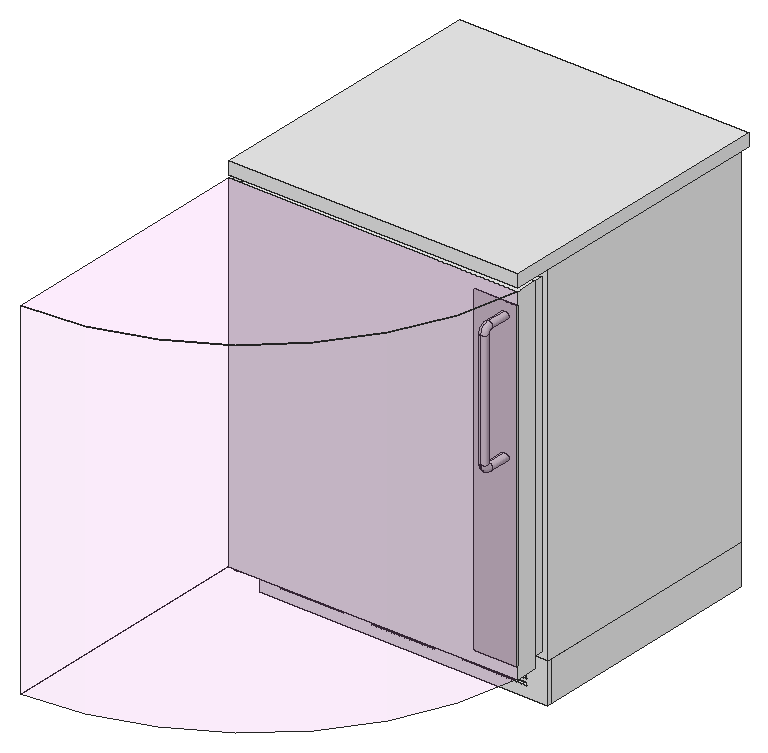
Revit family "QF_Summit_FF6W7BZ_Refrigerator", category Specialty Equipment, Revit 2020
Family settings
  Round Connector Dimension = Use Diameter
  Part Type = Normal
  Work Plane-Based = No
  Always vertical = Yes
  Cut with Voids When Loaded = No
  Shared = No
  Room Calculation Point = No
Parameters
  Weight in Pounds = 100
  Watts = Volts * FL Amps  # 161 W
  Volts = 115 V
  URL Cutsheet = ""
  Specification by User = ""
  Specification by Manufacturer = ""
  Show LHD [instance] = yes
  Right Hinged Door [instance] = not(Show LHD)  # no
  Serial Number = ""
  Seismic Rating = ""
  SMACNA No = ""
  Revision Code = ""
  Refrigerant Volume = 0.00 kip
  Refrigerant Type = "R600a"
  Phase = 1
  Number of Poles = 1
  NAFEM Spec ID Number = ""
  Model = "FF6W7BZ"
  Min Ckt Ampacity = 0 A
  Max Overcurrent Protection = 0 A
  Masterspec = ""
  Manufacturer = "Summit"
  Length = 23 5/8"
  Item Number = ""
  Installed By = ""
  Identify Quantity as Lot = yes
  Height = 33 7/8"
  HP = ""
  Furnished By = ""
  Foodservice Equipment Identifier = yes
  FL Amps = 1.4 A
  Electrical Remarks = ""
  Electric Connection Type = ""
  Elec Conn RI Height = 0"
  Elec Conn Connection Height = 0"
  Description = "Refrigerator"
  Depth = 23 5/8"
  Default Elevation = 0"
  Cycle = 60 Hz
  Conn Plug = ""
  Conn Conduit = yes
  CSI MasterFormat = ""
  BTUH = 0.0 Btu/h
  Apparent Power = if(Phase = 3, Volts * FL Amps * 1.73, Volts * FL Amps)  # 161 VA
Reference planes (in)
  plane 1 "BACK": y = 0
  plane 2: z = 0
  plane 3 "LEFT": x = 0
  plane 4 "RIGHT": x = 23.625
  plane 5 "FRONT": y = -23.625
  plane 6 "TOP": z = 33.875
  plane 7 "Center Y": x = 11.8125
  plane 8 "Center X": y = -11.8125
  plane 9: z = 32.625
  plane 10: y = -26.125
  plane 11: y = -45
  plane 12: y = -0.75
  plane 13: y = -20.5
  plane 14: z = 0.875
  plane 15: z = 4.125
  plane 16: z = 32.875
  plane 17: x = 17.46169
Forms (in)
  Extrusion 1, solid, material "QF_Clearances_Door_Drawer", visible <- "Right Hinged Door"
    sketch origin (-5.77638, -180, 4.125) x (0, -1, 0) y (-1, 0, 0)
      loop
        line (-156.375, -29.40138) -> (-135, -29.40138)
        arc (-135, -29.40138) -> (-141.18654, -13.51658) -> (-156.375, -5.77638) r 23.93828
        line (-156.375, -5.77638) -> (-156.375, -29.40138)
    from 0 to -28.5
  Extrusion 2, solid, material "QF_Metallic_Paint_White_Smooth"
    sketch origin (-4.07558, -180, 1) x (-1, 0, 0) y (0, -1, 0)
      loop
        line (-4.07558, -179.25) -> (-4.07558, -159.5) -> (-27.70058, -159.5) -> (-27.70058, -179.25) -> (-4.07558, -179.25)
    from 3.125 to 31.875
  Extrusion 3, solid, material "QF_Metallic_Paint_White_Smooth"
    sketch origin (-5.77638, -180, 4.25) x (-1, 0, 0) y (0, -1, 0)
      loop
        line (-5.77638, -156.375) -> (-29.40138, -156.375) -> (-29.40138, -158.125) -> (-5.77638, -158.125) -> (-5.77638, -156.375)
    from -0.125 to 28.375
  Extrusion 4, solid, material "QF_Metallic_Paint_White_Smooth"
    sketch origin (23.5, -21.875, 4.25) x (-1, 0, 0) y (0, 0, 1)
      loop
        line (0.375, 0.375) -> (23, 0.375) -> (23, 27.875) -> (0.375, 27.875) -> (0.375, 0.375)
    from 0 to 1.375
  Extrusion 5, solid, material "QF_Metallic_Paint_White_Smooth", visible <- "Right Hinged Door"
    sketch origin (-5.77638, -180, 4.125) x (0, 1, 0) y (1, 0, 0)
      loop
        line (159.5, 29.27619) -> (156.87717, 29.27619)
        arc (156.87717, 29.27619) -> (156.46088, 28.95386) -> (156.66871, 28.47012) r 0.42999
        line (156.66871, 28.47012) -> (159.5, 27.5936) -> (159.5, 29.27619)
    from 0 to 0.125
  Extrusion 6, solid, material "QF_Metallic_Paint_White_Smooth"
    sketch origin (-12.48311, -20.5, 48.75) x (-1, 0, 0) y (0, 0, 1)
      loop
        line (-12.48311, -44.625) -> (-36.10811, -44.625) -> (-36.10811, -47.875) -> (-12.48311, -47.875) -> (-12.48311, -44.625)
      loop
        line (-14.18872, -45.26011) -> (-19.43872, -45.26011) -> (-19.43872, -45.51011) -> (-14.18872, -45.51011) -> (-14.18872, -45.26011)
      loop
        line (-14.18872, -45.76011) -> (-19.43872, -45.76011) -> (-19.43872, -46.01011) -> (-14.18872, -46.01011) -> (-14.18872, -45.76011)
      loop
        line (-14.18872, -46.26011) -> (-19.43872, -46.26011) -> (-19.43872, -46.51011) -> (-14.18872, -46.51011) -> (-14.18872, -46.26011)
      loop
        line (-14.18872, -46.76011) -> (-19.43872, -46.76011) -> (-19.43872, -47.01011) -> (-14.18872, -47.01011) -> (-14.18872, -46.76011)
      loop
        line (-21.67061, -45.26011) -> (-26.92061, -45.26011) -> (-26.92061, -45.51011) -> (-21.67061, -45.51011) -> (-21.67061, -45.26011)
      loop
        line (-21.67061, -45.76011) -> (-26.92061, -45.76011) -> (-26.92061, -46.01011) -> (-21.67061, -46.01011) -> (-21.67061, -45.76011)
      loop
        line (-21.67061, -46.26011) -> (-26.92061, -46.26011) -> (-26.92061, -46.51011) -> (-21.67061, -46.51011) -> (-21.67061, -46.26011)
      loop
        line (-21.67061, -46.76011) -> (-26.92061, -46.76011) -> (-26.92061, -47.01011) -> (-21.67061, -47.01011) -> (-21.67061, -46.76011)
      loop
        line (-34.40249, -45.26011) -> (-34.40249, -45.51011) -> (-29.15249, -45.51011) -> (-29.15249, -45.26011) -> (-34.40249, -45.26011)
      loop
        line (-34.40249, -45.76011) -> (-34.40249, -46.01011) -> (-29.15249, -46.01011) -> (-29.15249, -45.76011) -> (-34.40249, -45.76011)
      loop
        line (-34.40249, -46.26011) -> (-34.40249, -46.51011) -> (-29.15249, -46.51011) -> (-29.15249, -46.26011) -> (-34.40249, -46.26011)
      loop
        line (-34.40249, -46.76011) -> (-34.40249, -47.01011) -> (-29.15249, -47.01011) -> (-29.15249, -46.76011) -> (-34.40249, -46.76011)
    from 0 to 0.25
  Extrusion 7, solid, material "QF_Metallic_Paint_White_Smooth"
    sketch origin (-12.48311, -1, 48.75) x (-1, 0, 0) y (0, 0, 1)
      loop
        line (-12.48311, -44.625) -> (-36.10811, -44.625) -> (-36.10811, -47.875) -> (-12.48311, -47.875) -> (-12.48311, -44.625)
    from -19.25 to 0.25
  Extrusion 8, solid, material "QF_Metallic_Paint_White_Smooth"
    sketch origin (0, 0, 0.75) x (1, 0, 0) y (0, 1, 0)
      loop
        circle (3.1104, -18.5) r 0.5
      loop
        circle (3.1104, -2.75) r 0.5
      loop
        circle (20.5146, -18.5) r 0.5
      loop
        circle (20.5146, -2.75) r 0.5
    from -0.75 to 0.125
  Extrusion 9, solid, material "QF_Metal_Stainless_Polished"
    sketch origin (0, -0.75, 1) x (1, 0, 0) y (0, 0, -1)
      loop
        circle (17.46169, -0.84684) r 0.25
    from 0 to 0.25
  Extrusion 10, solid, material "QF_Metallic_Paint_White_Smooth"
    sketch origin (0, -0.75, 18.5) x (0, -1, 0) y (1, 0, 0)
      loop
        line (-0.75, 1) -> (0, 1) -> (0, 22.625) -> (-0.75, 22.625) -> (-0.75, 1)
    from -13.875 to 14.375
  Sweep 11, solid, material "QF_Metal_Stainless_Polished", visible <- "Right Hinged Door"
    path origin (1, 0, 0.75) x (0, 1, 0) y (0, 0, 1)
      loop
        line (-23.625, 30.125) -> (-25.375, 30.125)
        arc (-25.375, 30.125) -> (-25.90533, 29.90533) -> (-26.125, 29.375) r 0.75
        line (-26.125, 29.375) -> (-26.125, 19.875)
        arc (-26.125, 19.875) -> (-25.90533, 19.34467) -> (-25.375, 19.125) r 0.75
        line (-25.375, 19.125) -> (-23.625, 19.125)
    profile origin (1, -24.5, 30.875) x (0, 0, -1) y (1, 0, 0)
      loop
        circle (0.3, 0) r 0.3
  Extrusion 12, solid, material "QF_Metal_Stainless_Polished", visible <- "Right Hinged Door"
    sketch origin (0, -23.625, 4.25) x (1, 0, 0) y (0, 0, 1)
      loop
        line (0, 0.875) -> (3.375, 0.875)
        arc (3.375, 0.875) -> (3.46339, 0.91161) -> (3.5, 1) r 0.125
        line (3.5, 1) -> (3.5, 27.25)
        arc (3.5, 27.25) -> (3.46339, 27.33839) -> (3.375, 27.375) r 0.125
        line (3.375, 27.375) -> (0, 27.375) -> (0, 0.875)
    from 0 to 0.0625
  Extrusion 13, solid, material "QF_Metallic_Paint_White_Smooth"
    sketch origin (-38.39759, -180, 33.875) x (-1, 0, 0) y (0, -1, 0)
      loop
        line (-38.39759, -180) -> (-38.39759, -156.375) -> (-62.02259, -156.375) -> (-62.02259, -180) -> (-38.39759, -180)
    from 0 to -1
  Extrusion 14, solid, material "QF_Metallic_Paint_White_Smooth", visible <- "Right Hinged Door"
    sketch origin (-5.77638, -180, 32.75) x (0, 1, 0) y (1, 0, 0)
      loop
        line (159.5, 29.27619) -> (156.87717, 29.27619)
        arc (156.87717, 29.27619) -> (156.46088, 28.95386) -> (156.66871, 28.47012) r 0.42999
        line (156.66871, 28.47012) -> (159.5, 27.5936) -> (159.5, 29.27619)
    from -0.125 to 0.125
  Extrusion 15, solid, material "QF_Metallic_Paint_White_Smooth", visible <- "Show LHD"
    sketch origin (29.40138, -180, 4.125) x (0, -1, 0) y (-1, 0, 0)
      loop
        line (-159.5, 29.27619) -> (-159.5, 27.5936) -> (-156.66871, 28.47012)
        arc (-156.66871, 28.47012) -> (-156.46088, 28.95386) -> (-156.87717, 29.27619) r 0.42999
        line (-156.87717, 29.27619) -> (-159.5, 29.27619)
    from 0 to 0.125
  Sweep 16, solid, material "QF_Metal_Stainless_Polished", visible <- "Show LHD"
    path origin (22.625, 0, 0.75) x (0, 1, 0) y (0, 0, -1)
      loop
        line (-23.625, -30.125) -> (-25.375, -30.125)
        arc (-25.375, -30.125) -> (-25.90533, -29.90533) -> (-26.125, -29.375) r 0.75
        line (-26.125, -29.375) -> (-26.125, -19.875)
        arc (-26.125, -19.875) -> (-25.90533, -19.34467) -> (-25.375, -19.125) r 0.75
        line (-25.375, -19.125) -> (-23.625, -19.125)
    profile origin (22.625, -24.5, 30.875) x (0, 0, 1) y (-1, 0, 0)
      loop
        circle (-0.3, 0) r 0.3
  Extrusion 17, solid, material "QF_Metal_Stainless_Polished", visible <- "Show LHD"
    sketch origin (23.625, -23.625, 4.25) x (-1, 0, 0) y (0, 0, -1)
      loop
        line (0, -0.875) -> (0, -27.375) -> (3.375, -27.375)
        arc (3.375, -27.375) -> (3.46339, -27.33839) -> (3.5, -27.25) r 0.125
        line (3.5, -27.25) -> (3.5, -1)
        arc (3.5, -1) -> (3.46339, -0.91161) -> (3.375, -0.875) r 0.125
        line (3.375, -0.875) -> (0, -0.875)
    from 0 to 0.0625
  Extrusion 18, solid, material "QF_Metallic_Paint_White_Smooth", visible <- "Show LHD"
    sketch origin (29.40138, -180, 32.75) x (0, -1, 0) y (-1, 0, 0)
      loop
        line (-159.5, 29.27619) -> (-159.5, 27.5936) -> (-156.66871, 28.47012)
        arc (-156.66871, 28.47012) -> (-156.46088, 28.95386) -> (-156.87717, 29.27619) r 0.42999
        line (-156.87717, 29.27619) -> (-159.5, 29.27619)
    from -0.125 to 0.125
  Extrusion 19, solid, material "QF_Clearances_Door_Drawer", visible <- "Show LHD"
    sketch origin (29.40138, -180, 4.125) x (0, 1, 0) y (1, 0, 0)
      loop
        line (156.375, -29.40138) -> (156.375, -5.77638)
        arc (156.375, -5.77638) -> (141.18654, -13.51658) -> (135, -29.40138) r 23.93828
        line (135, -29.40138) -> (156.375, -29.40138)
    from 0 to -28.5
Lines and regions (in)
  symbolic lines, style "SpecialityEquipment", visible <- "Right Hinged Door"
    curve 1: line (0.7, -23.625, 0) -> (0.7, -25.825, 0)
    curve 2: line (1.3, -23.625, 0) -> (1.3, -25.825, 0)
    curve 3: arc (0.7, -25.825, 0) -> (1, -26.125, 0) -> (1.3, -25.825, 0) r 0.3
  symbolic lines
    curve 4: line (0, -23.625, 0) -> (23.625, -23.625, 0)
    curve 5: line (0, 0, 0) -> (0, -23.625, 0)
    curve 6: line (23.625, 0, 0) -> (0, 0, 0)
    curve 7: line (23.625, -23.625, 0) -> (23.625, 0, 0)
  symbolic lines, style "QF_Clearances_Door_Drawer", visible <- "Right Hinged Door"
    curve 8: line (23.625, -23.625, 0) -> (4.21762, -34.82985, 0)
    curve 9: arc (4.21762, -34.82985, 0) -> (1.39701, -29.49536, 0) -> (0, -23.625, 0) r 23.93828
  symbolic lines, style "SpecialityEquipment", visible <- "Show LHD"
    curve 10: line (22.925, -23.625, 0) -> (22.925, -25.825, 0)
    curve 11: line (22.325, -23.625, 0) -> (22.325, -25.825, 0)
    curve 12: arc (22.925, -25.825, 0) -> (22.625, -26.125, 0) -> (22.325, -25.825, 0) r 0.3
  symbolic lines, style "QF_Clearances_Door_Drawer", visible <- "Show LHD"
    curve 13: line (0, -23.625, 0) -> (19.40738, -34.82985, 0)
    curve 14: arc (19.40738, -34.82985, 0) -> (22.22799, -29.49536, 0) -> (23.625, -23.625, 0) r 23.93828
Dimensions and locks (in)
  equal spacing: plane 3 "LEFT", plane 7 "Center Y", plane 4 "RIGHT"
  "Length": plane 3 "LEFT" to plane 4 "RIGHT"
  equal spacing: plane 5 "FRONT", plane 8 "Center X", plane 1 "BACK"
  "Depth": plane 5 "FRONT" to plane 1 "BACK"
  "Height": plane 6 "TOP" to level
  plane 4 "RIGHT" to plane 3 "LEFT" = 23 5/8"
  plane 6 "TOP" to plane 9 = 1 1/4"
  locked: plane 10 to plane 5 "FRONT" at 2.5
  plane 1 "BACK" to plane 12 = 3/4"
  plane 12 to plane 13 = 19 3/4"
  plane 14 to plane 2 = 7/8"
  locked: plane 15 to plane 14 at 3.25
  plane 11 to plane 1 "BACK" = 45"
  plane 9 to plane 14 = 31 3/4"
  aligned and locked: level to plane 2
Automatic sketch dimensions
  curve 13 to plane 3 "LEFT" = 0"
  plane 5 "FRONT" to curve 1 = 0"
  plane 1 "BACK" to curve 7 = 0"
  curve 7 to plane 4 "RIGHT" = 0"
  curve 14 to plane 3 "LEFT" = 0.17572"
  plane 3 "LEFT" to curve 1 = 0.7"
  curve 3 to curve 3 = 0.3"
  plane 3 "LEFT" to curve 8 = 4.21762"
  curve 13 to plane 17 = 1.94568"
  plane 10 to curve 11 = 0.3"
  plane 4 "RIGHT" to curve 11 = 1.3"
  curve 12 to curve 12 = 0.3"
  curve 9 to plane 4 "RIGHT" = 0.17572"
  plane 10 to curve 2 = 0.3"
  curve 13 to curve 11 = 9.00485"
  curve 8 to curve 3 = 9.00485"
  Extrusion 1 sketch curve to plane 4 "RIGHT" = 0"
  plane 5 "FRONT" to Extrusion 1 sketch curve = 0"
  Extrusion 1 sketch curve to plane 11 = 0"
  Extrusion 1 sketch curve to plane 3 "LEFT" = 0"
  Extrusion 1 sketch curve to plane 4 "RIGHT" = 0.17572"
  Extrusion 2 sketch curve to plane 4 "RIGHT" = 0"
  Extrusion 2 sketch curve to plane 3 "LEFT" = 0"
  Extrusion 2 sketch curve to plane 12 = 0"
  Extrusion 2 sketch curve to plane 13 = 0"
  Extrusion 3 sketch curve to plane 4 "RIGHT" = 0"
  Extrusion 3 sketch curve to plane 3 "LEFT" = 0"
  plane 5 "FRONT" to Extrusion 3 sketch curve = 0"
  Extrusion 3 sketch curve to plane 13 = 1 3/8"
  Extrusion 3 to Extrusion 4 sketch curve = 1/2"  (x3)
  Extrusion 4 sketch curve to Extrusion 3 = 1/2"
  Extrusion 5 sketch curve to plane 13 = 0"
  Extrusion 5 sketch curve to plane 5 "FRONT" = 0.50217"
  Extrusion 5 sketch curve to plane 5 "FRONT" = 0.29371"
  plane 4 "RIGHT" to Extrusion 5 sketch curve = 0.12518"
  Extrusion 5 sketch curve to Extrusion 5 sketch curve = 0.42999"
  Extrusion 5 sketch curve to Extrusion 5 sketch curve = 1.6826"
  plane 4 "RIGHT" to Extrusion 6 sketch curve = 0"
  Extrusion 6 sketch curve to plane 3 "LEFT" = 0"
  Extrusion 6 sketch curve to plane 14 = 0"
  Extrusion 6 sketch curve to plane 15 = 0"
  plane 4 "RIGHT" to Extrusion 6 sketch curve = 1.70562"
  Extrusion 6 sketch curve to Extrusion 6 sketch curve = 0"  (x18)
  plane 17 to Extrusion 6 sketch curve = 0.79231"
  plane 14 to Extrusion 6 sketch curve = 0.86489"  (x2)
  Extrusion 6 sketch curve to Extrusion 6 sketch curve = 2.23188"  (x2)
  Extrusion 6 sketch curve to plane 15 = 1.13511"
  Extrusion 6 sketch curve to plane 7 "Center Y" = 2 5/8"
  plane 14 to Extrusion 6 sketch curve = 1.11489"
  plane 3 "LEFT" to Extrusion 6 sketch curve = 1.70562"
  Extrusion 6 sketch curve to Extrusion 6 sketch curve = 1/4"  (x20)
  plane 4 "RIGHT" to Extrusion 7 sketch curve = 0"
  Extrusion 7 sketch curve to plane 3 "LEFT" = 0"
  Extrusion 7 sketch curve to plane 14 = 0"
  Extrusion 7 sketch curve to plane 15 = 0"
  plane 3 "LEFT" to Extrusion 8 sketch curve = 3.1104"  (x2)
  Extrusion 8 sketch curve to plane 17 = 3.05291"  (x2)
  plane 13 to Extrusion 8 sketch curve = 2"  (x2)
  Extrusion 8 sketch curve to plane 12 = 2"  (x2)
  Extrusion 9 sketch curve to Extrusion 2 = 2.27816"
  Extrusion 9 sketch curve to Extrusion 2 = 6.16331"
  plane 1 "BACK" to Extrusion 10 sketch curve = 0"
  Extrusion 10 sketch curve to plane 12 = 0"
  plane 3 "LEFT" to Extrusion 10 sketch curve = 1"
  plane 4 "RIGHT" to Extrusion 10 sketch curve = 1"
  Sweep 11 sketch curve to plane 10 = 0"
  Sweep 11 sketch curve to plane 5 "FRONT" = 0"  (x2)
  plane 10 to Sweep 11 sketch curve = 3/4"  (x2)
  Sweep 11 sketch curve to plane 9 = 12 3/4"
  Sweep 11 sketch curve to plane 9 = 2 1/2"
  Sweep 11 sketch curve to profile plane = 0"
  Sweep 11 sketch curve to profile plane = 0.3"
  Extrusion 12 sketch curve to Extrusion 3 = 0"
  Extrusion 3 to Extrusion 12 sketch curve = 1"  (x2)
  Extrusion 12 sketch curve to Extrusion 12 sketch curve = 3 3/8"
  Extrusion 3 to Extrusion 12 sketch curve = 3 3/8"
  Extrusion 12 sketch curve to Extrusion 12 sketch curve = 1/8"
  plane 1 "BACK" to Extrusion 13 sketch curve = 0"
  Extrusion 13 sketch curve to plane 4 "RIGHT" = 0"
  Extrusion 13 sketch curve to plane 3 "LEFT" = 0"
  plane 5 "FRONT" to Extrusion 13 sketch curve = 0"
  Extrusion 14 sketch curve to plane 13 = 0"
  Extrusion 14 sketch curve to plane 5 "FRONT" = 0.50217"
  Extrusion 14 sketch curve to plane 5 "FRONT" = 0.29371"
  plane 4 "RIGHT" to Extrusion 14 sketch curve = 0.12518"
  Extrusion 14 sketch curve to Extrusion 14 sketch curve = 0.42999"
  Extrusion 14 sketch curve to Extrusion 14 sketch curve = 1.6826"
  Extrusion 15 sketch curve to plane 13 = 0"
  plane 3 "LEFT" to Extrusion 15 sketch curve = 0.12518"
  Extrusion 15 sketch curve to plane 5 "FRONT" = 0.50217"
  Extrusion 15 sketch curve to plane 5 "FRONT" = 0.29371"
  Extrusion 15 sketch curve to Extrusion 15 sketch curve = 0.42999"
  Extrusion 15 sketch curve to Extrusion 15 sketch curve = 1.6826"
  Sweep 16 sketch curve to plane 10 = 0"
  Sweep 16 sketch curve to plane 5 "FRONT" = 0"  (x2)
  plane 10 to Sweep 16 sketch curve = 3/4"  (x2)
  Sweep 16 sketch curve to plane 9 = 1 3/4"
  Sweep 16 sketch curve to Sweep 16 sketch curve = 9 1/2"
  profile plane to Sweep 16 sketch curve = 0"
  profile plane to Sweep 16 sketch curve = 0.3"
  Extrusion 3 to Extrusion 17 sketch curve = 0"
  Extrusion 3 to Extrusion 17 sketch curve = 1"  (x2)
  Extrusion 17 sketch curve to Extrusion 17 sketch curve = 3 3/8"  (x2)
  Extrusion 17 sketch curve to Extrusion 17 sketch curve = 1/8"
  Extrusion 18 sketch curve to plane 13 = 0"
  plane 3 "LEFT" to Extrusion 18 sketch curve = 0.12518"
  Extrusion 18 sketch curve to plane 5 "FRONT" = 0.50217"
  Extrusion 18 sketch curve to plane 5 "FRONT" = 0.29371"
  Extrusion 18 sketch curve to Extrusion 18 sketch curve = 0.42999"
  Extrusion 18 sketch curve to Extrusion 18 sketch curve = 1.6826"
  Extrusion 19 sketch curve to plane 3 "LEFT" = 0"
  Extrusion 19 sketch curve to plane 11 = 0"
  Extrusion 19 sketch curve to plane 4 "RIGHT" = 0"
  plane 5 "FRONT" to Extrusion 19 sketch curve = 0"
  Extrusion 19 sketch curve to plane 3 "LEFT" = 0.17572"
  radius of Extrusion 8 sketch curve = 1/2"  (x4)
  radius of Extrusion 9 sketch curve = 1/4"
  radius of Sweep 11 sketch curve = 0.3"
  radius of Sweep 16 sketch curve = 0.3"
Connectors (in)
  electrical at (17.46169, -0.5, 1.84684), driven by "Volts", driven by "Watts"
    settings: on Extrusion 9, index 2, voltage 115 V, apparent load 161 VA, apparent load phase1 0 VA, apparent load phase2 0 VA, apparent load phase3 0 VA, power factor 1, load classification "Other", number of poles 1, system type 30, power factor state 1, is connector primary yes, connector utility no, sub classification motor no, connector description ""
